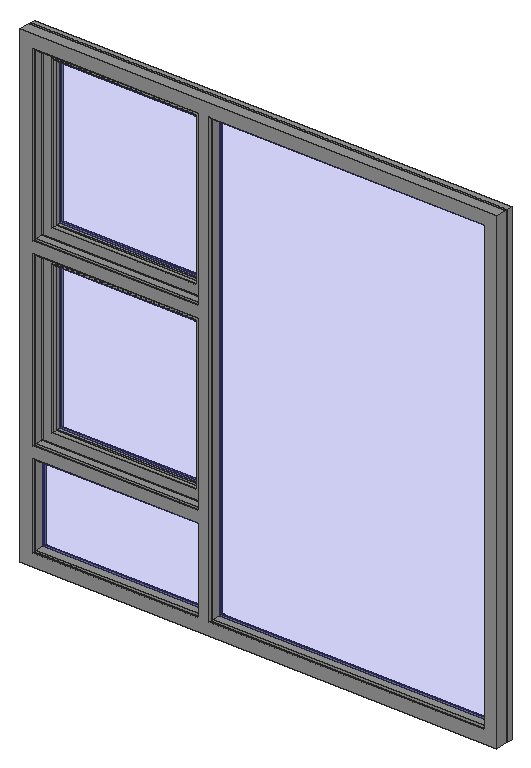
Revit family "MH15 RH", category Windows, host Wall, Revit 2015
Parameters (values of type "MH15 RH")
  Sash Width = 600 mm
  Sash Height = 1200 mm
  Height = 1500 mm
  Default Lintel Height = 2100 mm
  Wall Closure = By host
  Width = 1500 mm
Reference planes
  plane 1 "Center (Front/Back)": y = 0
  plane 2 "Center (Left/Right)": x = 0
  plane 3 "Left": x = -750
  plane 4 "Right": x = 750
  plane 5 "Sill": z = 600
  plane 6 "Head": z = 2100
  plane 7 "Exterior": y = 100
  plane 8 "Interior": y = -100
  plane 9: y = -28.5
  plane 10: y = 23.5
  plane 11: z = 900
  plane 12: x = -150
Forms (mm)
  Sweep 1, solid, material "Lauan, Meranti"
    path origin (0, 100, 0) x (-1, 0, 0) y (0, 0, -1)
      loop
        line (750, -2100) -> (750, -600) -> (-750, -600) -> (-750, -2100) -> (750, -2100)
    profile origin (0, 100, 2100) x (0, 0, 1) y (0, -1, 0)
      loop
        line (0, 71.5) -> (0, 86.5) -> (-10, 86.5) -> (-10, 94.5) -> (0, 94.5) -> (0, 128.5) -> (-39, 128.5) -> (-39, 122.5) -> (-44, 122.5) -> (-44, 96.5) -> (-40.5, 96.5) -> (-40.5, 102.5) -> (-37.5, 102.5) -> (-37.5, 96.5) -> (-29, 96.5) -> (-29, 71.5) -> (0, 71.5)
  Extrusion 2, solid, material "Glass"
    sketch origin (10500, 3.5, 2100) x (0, 0, -1) y (-1, 0, 0)
      loop
        line (29, 10665) -> (29, 9779) -> (1471, 9779) -> (1471, 10665) -> (29, 10665)
      loop
        line (1185, 11221) -> (1185, 10679) -> (1471, 10679) -> (1471, 11221) -> (1185, 11221)
    from 0 to 6.4
  Sweep 3, solid, material "Lauan, Meranti"
    path origin (10500, 23.5, 2100) x (0, 0, -1) y (-1, 0, 0)
      loop
        line (29, 10665) -> (29, 9779) -> (1471, 9779) -> (1471, 10665) -> (29, 10665)
    profile origin (278, 23.5, 2071) x (0, 0, -1) y (0, 1, 0)
      loop
        line (0, 1.4) -> (0, -13.6) -> (15, -13.6) -> (15, -8.6) -> (13, -8.6)
        arc (13, -8.6) -> (10.071, -1.529) -> (3, 1.4) r 10
        line (3, 1.4) -> (0, 1.4)
  Extrusion 4, solid, material "Lauan, Meranti"
    sketch origin (-172, 0, -140) x (1, 0, 0) y (0, 1, 0)
      loop
        line (22, -22.5) -> (22, 3.5) -> (18.5, 3.5) -> (18.5, -2.5) -> (15.5, -2.5) -> (15.5, 3.5) -> (7, 3.5) -> (7, 28.5) -> (-7, 28.5) -> (-7, 3.5) -> (-15.5, 3.5) -> (-15.5, -2.5) -> (-18.5, -2.5) -> (-18.5, 3.5) -> (-22, 3.5) -> (-22, -22.5) -> (-17, -22.5) -> (-17, -28.5) -> (17, -28.5) -> (17, -22.5) -> (22, -22.5)
    from 769 to 2211
  Extrusion 5, solid, material "Lauan, Meranti"
    sketch origin (-92.612, 0, 1139) x (0, -1, 0) y (0, 0, -1)
      loop
        line (28.5, 234) -> (22.5, 234) -> (22.5, 239) -> (-3.5, 239) -> (-3.5, 235.5) -> (2.5, 235.5) -> (2.5, 232.5) -> (-3.5, 232.5) -> (-3.5, 224) -> (-28.5, 224) -> (-28.5, 210) -> (-3.5, 210) -> (-3.5, 201.5) -> (2.5, 201.5) -> (2.5, 198.5) -> (-3.5, 198.5) -> (-3.5, 195) -> (22.5, 195) -> (22.5, 200) -> (28.5, 200) -> (28.5, 234)
    from -628.388 to -86.388
  Extrusion 6, solid, material "Lauan, Meranti"
    sketch origin (-212.612, 0, 1139) x (0, -1, 0) y (0, 0, -1)
      loop
        line (28.5, -344) -> (22.5, -344) -> (22.5, -339) -> (-3.5, -339) -> (-3.5, -342.5) -> (2.5, -342.5) -> (2.5, -345.5) -> (-3.5, -345.5) -> (-3.5, -354) -> (-28.5, -354) -> (-28.5, -368) -> (-3.5, -368) -> (-3.5, -376.5) -> (2.5, -376.5) -> (2.5, -379.5) -> (-3.5, -379.5) -> (-3.5, -383) -> (22.5, -383) -> (22.5, -378) -> (28.5, -378) -> (28.5, -344)
    from -508.388 to 33.612
  Sweep 7, solid, material "Rubber"
    path origin (10500, 23.5, 2100) x (0, 0, -1) y (-1, 0, 0)
      loop
        line (29, 11221) -> (29, 10679) -> (593, 10679) -> (593, 11221) -> (29, 11221)
    profile origin (-450, 23.5, 2071) x (0, 0, -1) y (0, 1, 0)
      loop
        line (5, -17) -> (5, -20) -> (9, -20) -> (9, -22.43) -> (8, -22.43) -> (9, -22.698) -> (9, -24.464) -> (8, -24.464) -> (10, -25) -> (12, -24.464) -> (11, -24.464) -> (11, -22.698) -> (12, -22.43) -> (11, -22.43) -> (11, -20) -> (15, -20) -> (15, -17) -> (10, -15) -> (5, -17)
  Sweep 8, solid, material "Rubber"
    path origin (10500, 23.5, 1522) x (0, 0, -1) y (-1, 0, 0)
      loop
        line (29, 11221) -> (29, 10679) -> (593, 10679) -> (593, 11221) -> (29, 11221)
    profile origin (-450, 23.5, 1493) x (0, 0, -1) y (0, 1, 0)
      loop
        line (5, -17) -> (5, -20) -> (9, -20) -> (9, -22.43) -> (8, -22.43) -> (9, -22.698) -> (9, -24.464) -> (8, -24.464) -> (10, -25) -> (12, -24.464) -> (11, -24.464) -> (11, -22.698) -> (12, -22.43) -> (11, -22.43) -> (11, -20) -> (15, -20) -> (15, -17) -> (10, -15) -> (5, -17)
  Sweep 9, solid, material "Lauan, Meranti"
    path origin (10500, 23.5, 2100) x (0, 0, -1) y (-1, 0, 0)
      loop
        line (29, 11221) -> (29, 10679) -> (593, 10679) -> (593, 11221) -> (29, 11221)
    profile origin (-450, 23.5, 2071) x (0, 0, -1) y (0, 1, 0)
      loop
        line (-5, 5) -> (12, 5) -> (12, -2) -> (14, -2.536) -> (14, -7.464) -> (12, -8) -> (12, -13) -> (10, -13) -> (10, -17) -> (43, -17) -> (43, -14)
        arc (43, -14) -> (47.243, -12.243) -> (49, -8) r 6
        line (49, -8) -> (52, -8) -> (52, 0) -> (43, 0) -> (43, 25) -> (1, 25)
        arc (1, 25) -> (-3.242, 23.243) -> (-5, 19) r 6
        line (-5, 19) -> (-5, 5)
  Extrusion 10, solid, material "Glass"
    sketch origin (10500, 23.5, 2100) x (0, 0, -1) y (-1, 0, 0)
      loop
        line (72, 11178) -> (72, 10722) -> (550, 10722) -> (550, 11178) -> (72, 11178)
      loop
        line (650.011, 11177.986) -> (650.011, 10722) -> (1128, 10722) -> (1128, 11177.986) -> (650.011, 11177.986)
    from 0 to 6.4
  Sweep 11, solid, material "Lauan, Meranti"
    path origin (0, 100, 0) x (-1, 0, 0) y (0, 0, -1)
      loop
        line (678, -2028) -> (678, -1550) -> (222, -1550) -> (222, -2028) -> (678, -2028)
    profile origin (-450, 100, 2028) x (0, 0, 1) y (0, -1, 0)
      loop
        line (0, 62.1) -> (0, 70.1) -> (-9, 70.1) -> (-9, 68.1) -> (-7, 68.1)
        arc (-7, 68.1) -> (-4.67, 63.734) -> (0, 62.1) r 6.807
  Sweep 12, solid, material "Lauan, Meranti"
    path origin (10500, 23.5, 1522) x (0, 0, -1) y (-1, 0, 0)
      loop
        line (29, 11221) -> (29, 10679) -> (593, 10679) -> (593, 11221) -> (29, 11221)
    profile origin (-450, 23.5, 1493) x (0, 0, -1) y (0, 1, 0)
      loop
        line (-5, 5) -> (12, 5) -> (12, -2) -> (14, -2.536) -> (14, -7.464) -> (12, -8) -> (12, -13) -> (10, -13) -> (10, -17) -> (43, -17) -> (43, -14)
        arc (43, -14) -> (47.243, -12.243) -> (49, -8) r 6
        line (49, -8) -> (52, -8) -> (52, 0) -> (43, 0) -> (43, 25) -> (1, 25)
        arc (1, 25) -> (-3.242, 23.243) -> (-5, 19) r 6
        line (-5, 19) -> (-5, 5)
  Sweep 13, solid, material "Lauan, Meranti"
    path origin (0, 100, -578) x (-1, 0, 0) y (0, 0, -1)
      loop
        line (678, -2028) -> (678, -1550) -> (222, -1550) -> (222, -2028) -> (678, -2028)
    profile origin (-450, 100, 1450) x (0, 0, 1) y (0, -1, 0)
      loop
        line (0, 62.1) -> (0, 70.1) -> (-9, 70.1) -> (-9, 68.1) -> (-7, 68.1)
        arc (-7, 68.1) -> (-4.67, 63.734) -> (0, 62.1) r 6.807
  Sweep 14, solid, material "Lauan, Meranti"
    path origin (10500, 23.5, 2100) x (0, 0, -1) y (-1, 0, 0)
      loop
        line (1185, 11221) -> (1185, 10679) -> (1471, 10679) -> (1471, 11221) -> (1185, 11221)
    profile origin (-450, 23.5, 915) x (0, 0, -1) y (0, 1, 0)
      loop
        line (3, 1.4) -> (0, 1.4) -> (0, -13.6) -> (15, -13.6) -> (15, -8.6) -> (13, -8.6)
        arc (13, -8.6) -> (10.071, -1.529) -> (3, 1.4) r 10
Cuts and joins
  joined: Sweep 1, Extrusion 4, Extrusion 5, Extrusion 6
Lines and regions (mm)
  Opening 1
    outline origin (-5000, 100, 0) x (-1, 0, 0) y (0, 0, 1)
      loop
        line (-4250, 600) -> (-4250, 2100) -> (-5750, 2100) -> (-5750, 600) -> (-4250, 600)
  model lines
    curve 1: line (-726, 48.5, 2076) -> (-450, 48.5, 1502)
    curve 2: line (-450, 48.5, 1502) -> (-173.918, 48.5, 2076.08)
    curve 3: line (-726, 48.5, 1498) -> (-450, 48.5, 924)
    curve 4: line (-450, 48.5, 924) -> (-173.918, 48.5, 1498.08)
Text (mm)
  text "EXTERIOR" at (-1963.203, 1332.353, 0), in view "Ref. Level"
  text "INTERIOR" at (-1981.466, -818.386, 0), in view "Ref. Level"
  text "Exterior" at (0, 923.751, 2943.296), in view "Right"
  text "Exterior" at (0, 1040.484, 2685.409), in view "Left"
Dimensions and locks
  equal spacing: plane 3 "Left", plane 2 "Center (Left/Right)", plane 4 "Right"
  "Width": plane 3 "Left" to plane 4 "Right"
  "Height": plane 5 "Sill" to plane 6 "Head"
  "Default Lintel Height": plane 6 "Head" to level
  locked: plane 7 "Exterior" to host wall at 0
  locked: plane 8 "Interior" to host wall
  locked: plane 10 to plane 9 at 52
  "Sash Height": plane 11 to plane 6 "Head"
  "Sash Width": plane 12 to plane 3 "Left"
  aligned and locked: Sweep 1 to Sweep 3 sketch curve  (x2)
  aligned and locked: Sweep 3 sketch curve to Sweep 1
  aligned and locked: Extrusion 2 sketch curve to Sweep 1  (x2)
  aligned and locked: Sweep 1 to Extrusion 4  (x2)
  aligned and locked: Sweep 1 to Extrusion 5
  aligned and locked: Extrusion 4 to Extrusion 5
  aligned and locked: Sweep 1 to Extrusion 6
  aligned and locked: Extrusion 4 to Extrusion 6
  aligned and locked: Extrusion 2 sketch curve to Extrusion 4  (x3)
  aligned and locked: Sweep 1 to Extrusion 2 sketch curve
  aligned and locked: Sweep 3 sketch curve to Extrusion 2
  aligned and locked: Sweep 1 to Sweep 7 sketch curve
  aligned and locked: Sweep 7 sketch curve to Extrusion 4
  aligned and locked: Extrusion 6 to Sweep 7 sketch curve
  aligned and locked: Sweep 7 sketch curve to Sweep 1
  aligned and locked: Extrusion 6 to Sweep 8 sketch curve
  aligned and locked: Sweep 8 sketch curve to Extrusion 4
  aligned and locked: Extrusion 5 to Sweep 8 sketch curve
  aligned and locked: Sweep 8 sketch curve to Sweep 1
  aligned and locked: Sweep 9 to Extrusion 10 sketch curve  (x2)
  aligned and locked: Extrusion 10 sketch curve to Sweep 9  (x2)
  aligned and locked: Sweep 11 sketch curve to Sweep 9  (x4)
  aligned and locked: Sweep 13 sketch curve to Sweep 12  (x4)
  aligned and locked: Sweep 1 to Sweep 9 sketch curve
  aligned and locked: Sweep 9 sketch curve to Extrusion 4
  aligned and locked: Extrusion 6 to Sweep 9 sketch curve
  aligned and locked: Sweep 9 sketch curve to Sweep 1
  aligned and locked: Sweep 12 sketch curve to Extrusion 4
  aligned and locked: Extrusion 6 to Sweep 12 sketch curve
  aligned and locked: Sweep 12 sketch curve to Sweep 1
  aligned and locked: Extrusion 5 to Sweep 12 sketch curve
  aligned and locked: Extrusion 5 to Extrusion 2 sketch curve
  aligned and locked: Extrusion 2 sketch curve to Extrusion 5
  aligned and locked: Sweep 14 sketch curve to Extrusion 2  (x3)
  aligned and locked: Sweep 14 sketch curve to Extrusion 4
Automatic sketch dimensions
  curve 4 to plane 11 = 24 mm
  curve 4 to plane 3 "Left" = 300 mm
  curve 2 to plane 3 "Left" = 300 mm
  curve 4 to curve 2 = 578 mm
  curve 1 to plane 3 "Left" = 24 mm
  curve 3 to plane 3 "Left" = 24 mm
  plane 2 "Center (Left/Right)" to curve 4 = 173.918 mm
  plane 6 "Head" to curve 2 = 23.92 mm
  plane 2 "Center (Left/Right)" to curve 2 = 173.918 mm
  curve 3 to curve 2 = 4 mm
  curve 4 to curve 1 = 3.92 mm
  plane 6 "Head" to curve 1 = 24 mm
  plane 4 "Right" to Opening 1 sketch curve = 0 mm
  plane 3 "Left" to Opening 1 sketch curve = 0 mm
  Opening 1 sketch curve to plane 5 "Sill" = 0 mm
  Opening 1 sketch curve to plane 6 "Head" = 0 mm
  plane 4 "Right" to Sweep 1 sketch curve = 0 mm
  plane 3 "Left" to Sweep 1 sketch curve = 0 mm
  Sweep 1 sketch curve to plane 6 "Head" = 0 mm
  Sweep 1 sketch curve to plane 5 "Sill" = 0 mm
  profile plane to Sweep 1 sketch curve = 0 mm  (x2)
  profile plane to Sweep 1 sketch curve = 10 mm
  Sweep 1 sketch curve to Sweep 1 sketch curve = 19 mm
  Sweep 1 sketch curve to Sweep 1 sketch curve = 8.5 mm
  Sweep 1 sketch curve to Sweep 1 sketch curve = 1.5 mm
  Sweep 1 sketch curve to Sweep 1 sketch curve = 3 mm
  Sweep 1 sketch curve to Sweep 1 sketch curve = 5 mm
  profile plane to Sweep 1 sketch curve = 71.5 mm
  Sweep 1 sketch curve to Sweep 1 sketch curve = 15 mm
  Sweep 1 sketch curve to Sweep 1 sketch curve = 8 mm
  Sweep 1 sketch curve to Sweep 1 sketch curve = 25 mm
  Sweep 1 sketch curve to Sweep 1 sketch curve = 0 mm
  Sweep 1 sketch curve to Sweep 1 sketch curve = 6 mm
  Sweep 1 sketch curve to Sweep 1 sketch curve = 20 mm
  Sweep 1 sketch curve to Sweep 1 sketch curve = 34 mm
  Extrusion 2 sketch curve to Extrusion 2 sketch curve = 0 mm
  Sweep 3 sketch curve to profile plane = 0 mm
  profile plane to Sweep 3 sketch curve = 1.4 mm
  Sweep 3 sketch curve to Sweep 3 sketch curve = 3 mm
  Sweep 3 sketch curve to profile plane = 8.6 mm
  Sweep 3 sketch curve to Sweep 3 sketch curve = 2 mm
  Sweep 3 sketch curve to Sweep 3 sketch curve = 5 mm
  Extrusion 4 sketch curve to plane 9 = 0 mm
  Extrusion 4 sketch curve to host wall = 3.5 mm  (x3)
  plane 2 "Center (Left/Right)" to Extrusion 4 sketch curve = 194 mm
  host wall to Extrusion 4 sketch curve = 2.5 mm  (x2)
  Extrusion 4 sketch curve to Extrusion 4 sketch curve = 3.5 mm  (x2)
  Extrusion 4 sketch curve to Extrusion 4 sketch curve = 5 mm
  Extrusion 4 sketch curve to Extrusion 4 sketch curve = 3 mm  (x2)
  plane 10 to Extrusion 4 sketch curve = 5 mm
  Extrusion 4 sketch curve to Extrusion 4 sketch curve = 8.5 mm  (x2)
  Extrusion 4 sketch curve to Extrusion 4 sketch curve = 14 mm
  Extrusion 4 sketch curve to Extrusion 4 sketch curve = 1.5 mm
  plane 9 to Extrusion 4 sketch curve = 6 mm  (x2)
  Extrusion 4 sketch curve to Extrusion 4 sketch curve = 0 mm
  plane 11 to Extrusion 5 sketch curve = 0 mm
  Extrusion 5 sketch curve to plane 9 = 0 mm
  plane 9 to Extrusion 5 sketch curve = 6 mm  (x2)
  host wall to Extrusion 5 sketch curve = 2.5 mm  (x2)
  Extrusion 5 sketch curve to host wall = 3.5 mm  (x3)
  Extrusion 5 sketch curve to Extrusion 5 sketch curve = 0 mm
  plane 10 to Extrusion 5 sketch curve = 5 mm
  Extrusion 5 sketch curve to plane 11 = 3.5 mm
  Extrusion 5 sketch curve to plane 11 = 5 mm
  Extrusion 5 sketch curve to Extrusion 5 sketch curve = 3 mm  (x2)
  Extrusion 5 sketch curve to Extrusion 5 sketch curve = 8.5 mm  (x2)
  Extrusion 5 sketch curve to Extrusion 5 sketch curve = 14 mm
  Extrusion 5 sketch curve to Extrusion 5 sketch curve = 1.5 mm
  Extrusion 5 sketch curve to Extrusion 5 sketch curve = 5 mm
  Extrusion 6 sketch curve to plane 9 = 0 mm
  plane 9 to Extrusion 6 sketch curve = 6 mm  (x2)
  host wall to Extrusion 6 sketch curve = 2.5 mm  (x2)
  Extrusion 6 sketch curve to host wall = 3.5 mm  (x3)
  Extrusion 6 sketch curve to Extrusion 6 sketch curve = 0 mm
  plane 10 to Extrusion 6 sketch curve = 5 mm
  plane 6 "Head" to Extrusion 6 sketch curve = 578 mm
  Extrusion 6 sketch curve to Extrusion 6 sketch curve = 3.5 mm  (x2)
  Extrusion 6 sketch curve to Extrusion 6 sketch curve = 5 mm
  Extrusion 6 sketch curve to Extrusion 6 sketch curve = 3 mm  (x2)
  Extrusion 6 sketch curve to Extrusion 6 sketch curve = 8.5 mm  (x2)
  Extrusion 6 sketch curve to Extrusion 6 sketch curve = 14 mm
  Extrusion 6 sketch curve to Extrusion 6 sketch curve = 1.5 mm
  Sweep 7 sketch curve to profile plane = 5 mm
  Sweep 7 sketch curve to Sweep 7 sketch curve = 3 mm  (x3)
  Sweep 7 sketch curve to Sweep 7 sketch curve = 0 mm  (x2)
  Sweep 7 sketch curve to Sweep 7 sketch curve = 1 mm  (x7)
  Sweep 7 sketch curve to Sweep 7 sketch curve = 4 mm
  Sweep 7 sketch curve to profile plane = 25 mm
  Sweep 7 sketch curve to Sweep 7 sketch curve = 0.536 mm  (x2)
  Sweep 7 sketch curve to Sweep 7 sketch curve = 1.766 mm  (x2)
  Sweep 7 sketch curve to Sweep 7 sketch curve = 0.268 mm  (x2)
  Sweep 7 sketch curve to Sweep 7 sketch curve = 2.43 mm  (x2)
  Sweep 7 sketch curve to Sweep 7 sketch curve = 5 mm
  Sweep 8 sketch curve to profile plane = 5 mm
  Sweep 8 sketch curve to Sweep 8 sketch curve = 3 mm  (x3)
  Sweep 8 sketch curve to Sweep 8 sketch curve = 0 mm  (x2)
  Sweep 8 sketch curve to Sweep 8 sketch curve = 1 mm  (x7)
  Sweep 8 sketch curve to Sweep 8 sketch curve = 4 mm
  Sweep 8 sketch curve to profile plane = 25 mm
  Sweep 8 sketch curve to Sweep 8 sketch curve = 0.536 mm  (x2)
  Sweep 8 sketch curve to Sweep 8 sketch curve = 1.766 mm  (x2)
  Sweep 8 sketch curve to Sweep 8 sketch curve = 0.268 mm  (x2)
  Sweep 8 sketch curve to Sweep 8 sketch curve = 2.43 mm  (x2)
  Sweep 8 sketch curve to Sweep 8 sketch curve = 5 mm
  Sweep 9 sketch curve to profile plane = 0 mm
  profile plane to Sweep 9 sketch curve = 5 mm  (x2)
  Sweep 9 sketch curve to profile plane = 1 mm
  Sweep 9 sketch curve to profile plane = 10 mm
  Sweep 9 sketch curve to profile plane = 2 mm
  Sweep 9 sketch curve to Sweep 9 sketch curve = 2 mm  (x3)
  Sweep 9 sketch curve to profile plane = 14 mm
  Sweep 9 sketch curve to Sweep 9 sketch curve = 29 mm
  Sweep 9 sketch curve to Sweep 9 sketch curve = 0 mm
  Sweep 9 sketch curve to Sweep 9 sketch curve = 6 mm
  Sweep 9 sketch curve to Sweep 9 sketch curve = 3 mm  (x2)
  Sweep 9 sketch curve to Sweep 9 sketch curve = 4 mm
  Sweep 9 sketch curve to Sweep 9 sketch curve = 5 mm
  Sweep 9 sketch curve to Sweep 9 sketch curve = 0.536 mm  (x2)
  Sweep 9 sketch curve to Sweep 9 sketch curve = 14 mm
  Extrusion 10 sketch curve to Extrusion 10 sketch curve = 100.012 mm
  Extrusion 10 sketch curve to plane 11 = 72 mm
  plane 2 "Center (Left/Right)" to Extrusion 10 sketch curve = 222 mm
  Extrusion 10 sketch curve to plane 3 "Left" = 72.014 mm
  profile plane to Sweep 11 sketch curve = 0 mm
  profile plane to Sweep 11 sketch curve = 0.241 mm
  Sweep 11 sketch curve to Sweep 11 sketch curve = 6.759 mm
  Sweep 11 sketch curve to Sweep 11 sketch curve = 2 mm  (x2)
  profile plane to Sweep 11 sketch curve = 62.1 mm
  Sweep 11 sketch curve to Sweep 11 sketch curve = 6 mm
  Sweep 12 sketch curve to profile plane = 0 mm
  profile plane to Sweep 12 sketch curve = 5 mm  (x2)
  Sweep 12 sketch curve to profile plane = 1 mm
  Sweep 12 sketch curve to profile plane = 10 mm
  Sweep 12 sketch curve to profile plane = 2 mm
  Sweep 12 sketch curve to Sweep 12 sketch curve = 2 mm  (x3)
  Sweep 12 sketch curve to profile plane = 14 mm
  Sweep 12 sketch curve to Sweep 12 sketch curve = 29 mm
  Sweep 12 sketch curve to Sweep 12 sketch curve = 0 mm
  Sweep 12 sketch curve to Sweep 12 sketch curve = 6 mm
  Sweep 12 sketch curve to Sweep 12 sketch curve = 3 mm  (x2)
  Sweep 12 sketch curve to Sweep 12 sketch curve = 4 mm
  Sweep 12 sketch curve to Sweep 12 sketch curve = 5 mm
  Sweep 12 sketch curve to Sweep 12 sketch curve = 0.536 mm  (x2)
  Sweep 12 sketch curve to Sweep 12 sketch curve = 14 mm
  profile plane to Sweep 13 sketch curve = 0 mm
  profile plane to Sweep 13 sketch curve = 0.241 mm
  Sweep 13 sketch curve to Sweep 13 sketch curve = 6.759 mm
  Sweep 13 sketch curve to Sweep 13 sketch curve = 2 mm  (x2)
  profile plane to Sweep 13 sketch curve = 62.1 mm
  Sweep 13 sketch curve to Sweep 13 sketch curve = 6 mm
  Sweep 14 sketch curve to profile plane = 0 mm
  profile plane to Sweep 14 sketch curve = 1.4 mm
  Sweep 14 sketch curve to Sweep 14 sketch curve = 3 mm
  Sweep 14 sketch curve to profile plane = 8.6 mm
  Sweep 14 sketch curve to Sweep 14 sketch curve = 2 mm
  Sweep 14 sketch curve to Sweep 14 sketch curve = 5 mm
